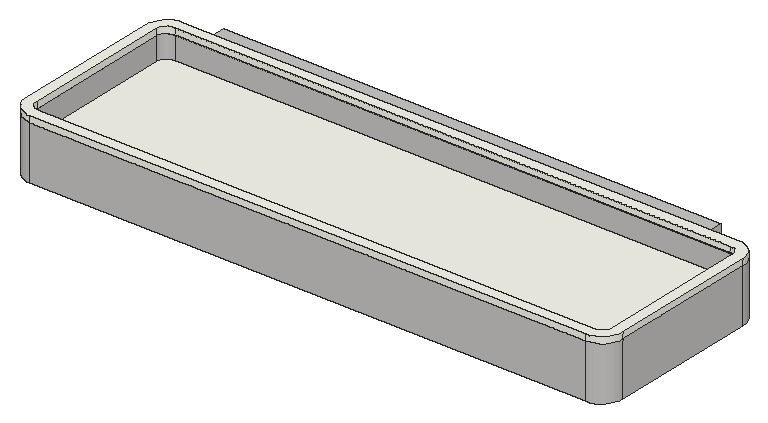
Revit family "KEUCO_14958010037", category Sonderausstattung, Revit 2016
Family settings
  Teiletyp = Normal
  Bemaßung runder Anschluss = Durchmesser verwenden
  Arbeitsebenenbasiert = Nein
  Immer vertikal = Ja
  Beim Laden mit Abzugskörper schneiden = Nein
  Gemeinsam genutzt = Nein
  Raumberechnungspunkt = Nein
Parameters (values of type "14958170037")
  Verwendung = "DU / WA"  # constant formula
  URL = "https://www.keuco.com/de/produkte/sortiment/artikel/?pid=14958&oid=1&pgo=19&country=de&lang=de&vid=14958170037"
  Serie = "Plan"  # constant formula
  Preisgruppe = "1"  # constant formula
  Materialien bei Hersteller anfragen = "Anfrage zu:  objektmanagement@keuco.de"
  Material Abdeckung [instance] = Edelstahl
  Material Regal = Weiß (RAL 9010)
  Kategorie = "ACC"  # constant formula
  Hersteller = "KEUCO"  # constant formula
  Gewicht = 382
  Beschreibung = "2-teilig: Metallkorb und herausnehmbarer,\r\nseifenbeständiger, bruchfester und\r\nUV-unempfindlicher Kunststoff-Einsatz"
  Ausschreibungstext = "KEUCO PLAN Duschkorb, 14958170037\r\nDuschkorb in Aluminium-Optik in ästhetischem, funktionalem Design, \r\nAluminium-finish/schwarzgrau (RAL 7021),\r\nhochwertiger Metallrahmen mit herausnehmbaren, \r\nseifenbeständigem, bruchfestem und \r\nUV-unempfindlichen Kunststoff-Einsatz (Polysterol schlagzäh),\r\nTiefe 102 mm, Breite 288, Höhe 29 mm, \r\nBefestigungsabstand 160 mm,\r\nder Duschkorb wird verdeckt angebracht,\r\nLieferung inkl. korrosionsfreiem Befestigungsmaterial"
  Artikelnummer = "14958170037"
Types (10, lengths in mm): name | URL | Materialien bei Hersteller anfragen | Material Abdeckung | Material Regal | Ausschreibungstext | Artikelnummer
  (no name) | "https://www.keuco.com" | "Request to:  objektmanagement@keuco.de" | Verchromt | Schwarzgrau  (RAL 7021) | "KEUCO PLAN Duschkorb, 14958010037\r\nhochglanzverchromter Duschkorb in ästhetischem, funktionalem Design, \r\nverchromt/schwarzgrau (RAL 7021),\r\nhochwertiger Metallrahmen mit herausnehmbaren, \r\nseifenbeständigem, bruchfestem und \r\nUV-unempfindlichen Kunststoff-Einsatz(Polysterol schlagzäh),\r\nTiefe 102 mm, Breite 288, Höhe 29 mm, \r\nBefestigungsabstand 160 mm,\r\nder Duschkorb wird verdeckt angebracht,\r\nLieferung inkl. korrosionsfreiem Befestigungsmaterial" | "14958010037"
  14958010037 | "https://www.keuco.com/de/produkte/sortiment/artikel/?pid=14958&oid=1&pgo=19&country=de&lang=de&vid=14958010037" | "Request to:  objektmanagement@keuco.de" | Verchromt | Schwarzgrau  (RAL 7021) | "KEUCO PLAN Duschkorb, 14958010037\r\nhochglanzverchromter Duschkorb in ästhetischem, funktionalem Design, \r\nverchromt/schwarzgrau (RAL 7021),\r\nhochwertiger Metallrahmen mit herausnehmbaren, \r\nseifenbeständigem, bruchfestem und \r\nUV-unempfindlichen Kunststoff-Einsatz(Polysterol schlagzäh),\r\nTiefe 102 mm, Breite 288, Höhe 29 mm, \r\nBefestigungsabstand 160 mm,\r\nder Duschkorb wird verdeckt angebracht,\r\nLieferung inkl. korrosionsfreiem Befestigungsmaterial" | "14958010037"
  14958010038 | "https://www.keuco.com/de/produkte/sortiment/artikel/?pid=14958&oid=1&pgo=19&country=de&lang=de&vid=14958010038" | "Request to:  objektmanagement@keuco.de" | Verchromt | Lichtgrau (RAL 7035) | "KEUCO PLAN Duschkorb, 14958010038\r\nhochglanzverchromter Duschkorb in ästhetischem, funktionalem Design, \r\nverchromt/lichtgrau (RAL 7035),\r\nhochwertiger Metallrahmen mit herausnehmbaren, \r\nseifenbeständigem, bruchfestem und \r\nUV-unempfindlichen Kunststoff-Einsatz (Polysterol schlagzäh),\r\nTiefe 102 mm, Breite 288, Höhe 29 mm, \r\nBefestigungsabstand 160 mm,\r\nder Duschkorb wird verdeckt angebracht,\r\nLieferung inkl. korrosionsfreiem Befestigungsmaterial" | "14958010038"
  14958010051 | "https://www.keuco.com/de/produkte/sortiment/artikel/?pid=14958&oid=1&pgo=19&country=de&lang=de&vid=14958010051" | "Request to:  objektmanagement@keuco.de" | Verchromt | Weiß (RAL 9010) | "KEUCO PLAN Duschkorb, 14958010051\r\nhochglanzverchromter Duschkorb in ästhetischem, funktionalem Design, \r\nverchromt/weiß (RAL 9010),\r\nhochwertiger Metallrahmen mit herausnehmbaren, \r\nseifenbeständigem, bruchfestem und \r\nUV-unempfindlichen Kunststoff-Einsatz (Polysterol schlagzäh),\r\nTiefe 102 mm, Breite 288, Höhe 29 mm, \r\nBefestigungsabstand 160 mm,\r\nder Duschkorb wird verdeckt angebracht,\r\nLieferung inkl. korrosionsfreiem Befestigungsmaterial" | "14958010051"
  14958070037 | "https://www.keuco.com/de/produkte/sortiment/artikel/?pid=14958&oid=1&pgo=19&country=de&lang=de&vid=14958070037" | "Request to:  objektmanagement@keuco.de" | Edelstahl | Schwarzgrau  (RAL 7021) | "KEUCO PLAN Duschkorb, 14958070037\r\nDuschkorb in Edelstahl-Optik in ästhetischem, funktionalem Design, \r\nEdelstahl-finish/schwarzgrau (RAL 7021),\r\nhochwertiger Metallrahmen mit herausnehmbaren, \r\nseifenbeständigem, bruchfestem und \r\nUV-unempfindlichen Kunststoff-Einsatz(Polysterol schlagzäh),\r\nTiefe 102 mm, Breite 288, Höhe 29 mm, \r\nBefestigungsabstand 160 mm,\r\nder Duschkorb wird verdeckt angebracht,\r\nLieferung inkl. korrosionsfreiem Befestigungsmaterial" | "14958070037"
  14958070038 | "https://www.keuco.com/de/produkte/sortiment/artikel/?pid=14958&oid=1&pgo=19&country=de&lang=de&vid=14958070038" | "Request to:  objektmanagement@keuco.de" | Edelstahl | Lichtgrau (RAL 7035) | "KEUCO PLAN Duschkorb, 14958070038\r\nDuschkorb in Edelstahl-Optik in ästhetischem, funktionalem Design, \r\nEdelstahl-finish/lichtgrau (RAL 7035),\r\nhochwertiger Metallrahmen mit herausnehmbaren, \r\nseifenbeständigem, bruchfestem und \r\nUV-unempfindlichen Kunststoff-Einsatz (Polysterol schlagzäh),\r\nTiefe 102 mm, Breite 288, Höhe 29 mm, \r\nBefestigungsabstand 160 mm,\r\nder Duschkorb wird verdeckt angebracht,\r\nLieferung inkl. korrosionsfreiem Befestigungsmaterial" | "14958070038"
  14958070051 | "https://www.keuco.com/de/produkte/sortiment/artikel/?pid=14958&oid=1&pgo=19&country=de&lang=de&vid=14958070051" | "Request to:  objektmanagement@keuco.de" | Edelstahl | Weiß (RAL 9010) | "KEUCO PLAN Duschkorb, 14958070051\r\nDuschkorb in Edelstahl-Optik in ästhetischem, funktionalem Design, \r\nEdelstahl-finish/weiß (RAL 9010),\r\nhochwertiger Metallrahmen mit herausnehmbaren, \r\nseifenbeständigem, bruchfestem und \r\nUV-unempfindlichen Kunststoff-Einsatz (Polysterol schlagzäh),\r\nTiefe 102 mm, Breite 288, Höhe 29 mm, \r\nBefestigungsabstand 160 mm,\r\nder Duschkorb wird verdeckt angebracht,\r\nLieferung inkl. korrosionsfreiem Befestigungsmaterial" | "14958070051"
  14958170037 | "https://www.keuco.com/de/produkte/sortiment/artikel/?pid=14958&oid=1&pgo=19&country=de&lang=de&vid=14958170037" | "Anfrage zu:  objektmanagement@keuco.de" | Edelstahl | Weiß (RAL 9010) | "KEUCO PLAN Duschkorb, 14958170037\r\nDuschkorb in Aluminium-Optik in ästhetischem, funktionalem Design, \r\nAluminium-finish/schwarzgrau (RAL 7021),\r\nhochwertiger Metallrahmen mit herausnehmbaren, \r\nseifenbeständigem, bruchfestem und \r\nUV-unempfindlichen Kunststoff-Einsatz (Polysterol schlagzäh),\r\nTiefe 102 mm, Breite 288, Höhe 29 mm, \r\nBefestigungsabstand 160 mm,\r\nder Duschkorb wird verdeckt angebracht,\r\nLieferung inkl. korrosionsfreiem Befestigungsmaterial" | "14958170037"
  14958170038 | "https://www.keuco.com/de/produkte/sortiment/artikel/?pid=14958&oid=1&pgo=19&country=de&lang=de&vid=14958170038" | "Request to:  objektmanagement@keuco.de" | Aluminium silber-eloxiert (E6 EV1) | Lichtgrau (RAL 7035) | "KEUCO PLAN Duschkorb, 14958170038\r\nDuschkorb in Aluminium-Optik in ästhetischem, funktionalem Design, \r\nAluminium-finish/lichtgrau (RAL 7035),\r\nhochwertiger Metallrahmen mit herausnehmbaren, \r\nseifenbeständigem, bruchfestem und \r\nUV-unempfindlichen Kunststoff-Einsatz (Polysterol schlagzäh),\r\nTiefe 102 mm, Breite 288, Höhe 29 mm, \r\nBefestigungsabstand 160 mm,\r\nder Duschkorb wird verdeckt angebracht,\r\nLieferung inkl. korrosionsfreiem Befestigungsmaterial" | "14958170038"
  14958170051 | "https://www.keuco.com/de/produkte/sortiment/artikel/?pid=14958&oid=1&pgo=19&country=de&lang=de&vid=14958170051" | "Request to:  objektmanagement@keuco.de" | Aluminium silber-eloxiert (E6 EV1) | Weiß (RAL 9010) | "KEUCO PLAN Duschkorb, 14958170051\r\nDuschkorb in Aluminium-Optik in ästhetischem, funktionalem Design, \r\nAluminium-finish/weiß (RAL 9010),\r\nhochwertiger Metallrahmen mit herausnehmbaren, \r\nseifenbeständigem, bruchfestem und \r\nUV-unempfindlichen Kunststoff-Einsatz (Polysterol schlagzäh),\r\nTiefe 102 mm, Breite 288, Höhe 29 mm, \r\nBefestigungsabstand 160 mm,\r\nder Duschkorb wird verdeckt angebracht,\r\nLieferung inkl. korrosionsfreiem Befestigungsmaterial" | "14958170051"
Reference planes
  plane 1 "Center (Front/Back)": y = 0
  plane 2: z = 0
  plane 3 "Center (Left/Right)": x = 0
  plane 4: x = -144
  plane 5: x = 144
  plane 6: y = -102
  plane 7: z = -28.958
Forms (mm)
  Extrusion 1, solid, material "Edelstahl" <- "Material Abdeckung"
    sketch origin (0, 0, 0) x (1, 0, 0) y (0, 1, 0)
      loop
        line (-122.345, 0) -> (-122.345, -10) -> (117.655, -10) -> (117.655, 0) -> (-122.345, 0)
    from -28.958 to -2.938
  Extrusion 2, solid, material "Edelstahl" <- "Material Abdeckung"
    sketch origin (0, 0, 0) x (1, 0, 0) y (0, 1, 0)
      loop
        line (-134, -102) -> (134, -102)
        arc (134, -102) -> (141.071, -99.071) -> (144, -92) r 10
        line (144, -92) -> (144, -20)
        arc (144, -20) -> (141.071, -12.929) -> (134, -10) r 10
        line (134, -10) -> (-134, -10)
        arc (-134, -10) -> (-141.071, -12.929) -> (-144, -20) r 10
        line (-144, -20) -> (-144, -92)
        arc (-144, -92) -> (-141.071, -99.071) -> (-134, -102) r 10
      loop
        line (-139, -20) -> (-139, -92)
        arc (-139, -92) -> (-137.536, -95.536) -> (-134, -97) r 5
        line (-134, -97) -> (134, -97)
        arc (134, -97) -> (137.536, -95.536) -> (139, -92) r 5
        line (139, -92) -> (139, -20)
        arc (139, -20) -> (137.536, -16.464) -> (134, -15) r 5
        line (134, -15) -> (-134, -15)
        arc (-134, -15) -> (-137.536, -16.464) -> (-139, -20) r 5
    from -28.958 to -2.938
  Extrusion 3, solid, material "Weiß (RAL 9010)" <- "Material Regal"
    sketch origin (0, 0, 0) x (1, 0, 0) y (0, 1, 0)
      loop
        line (134, -10) -> (-134, -10)
        arc (-134, -10) -> (-141.071, -12.929) -> (-144, -20) r 10
        line (-144, -20) -> (-144, -92)
        arc (-144, -92) -> (-141.071, -99.071) -> (-134, -102) r 10
        line (-134, -102) -> (134, -102)
        arc (134, -102) -> (141.071, -99.071) -> (144, -92) r 10
        line (144, -92) -> (144, -20)
        arc (144, -20) -> (141.071, -12.929) -> (134, -10) r 10
      loop
        line (-139, -20) -> (-139, -92)
        arc (-139, -92) -> (-137.536, -95.536) -> (-134, -97) r 5
        line (-134, -97) -> (134, -97)
        arc (134, -97) -> (137.536, -95.536) -> (139, -92) r 5
        line (139, -92) -> (139, -20)
        arc (139, -20) -> (137.536, -16.464) -> (134, -15) r 5
        line (134, -15) -> (-134, -15)
        arc (-134, -15) -> (-137.536, -16.464) -> (-139, -20) r 5
    from -2.938 to 0
  Extrusion 4, solid, material "Weiß (RAL 9010)" <- "Material Regal"
    sketch origin (0, 0, 0) x (1, 0, 0) y (0, 1, 0)
      loop
        arc (-134, -15) -> (-137.536, -16.464) -> (-139, -20) r 5
        line (-139, -20) -> (-139, -92)
        arc (-139, -92) -> (-137.536, -95.536) -> (-134, -97) r 5
        line (-134, -97) -> (134, -97)
        arc (134, -97) -> (137.536, -95.536) -> (139, -92) r 5
        line (139, -92) -> (139, -20)
        arc (139, -20) -> (137.536, -16.464) -> (134, -15) r 5
        line (134, -15) -> (-134, -15)
    from -13.961 to -28.958
Dimensions and locks
  plane 4 to plane 5 = 288 mm
  equal spacing: plane 4, plane 3 "Center (Left/Right)", plane 5
  plane 6 to plane 1 "Center (Front/Back)" = 102 mm
  aligned and locked: level to plane 2
Automatic sketch dimensions
  plane 1 "Center (Front/Back)" to Extrusion 1 sketch curve = 0 mm
  plane 1 "Center (Front/Back)" to Extrusion 1 sketch curve = 10 mm
  plane 4 to Extrusion 1 sketch curve = 21.655 mm
  Extrusion 1 sketch curve to plane 5 = 26.345 mm
  Extrusion 2 sketch curve to plane 4 = 0 mm
  Extrusion 2 sketch curve to plane 6 = 0 mm
  Extrusion 2 sketch curve to plane 5 = 0 mm
  plane 4 to Extrusion 2 sketch curve = 10 mm  (x2)
  Extrusion 2 sketch curve to plane 5 = 10 mm  (x2)
  plane 1 "Center (Front/Back)" to Extrusion 2 sketch curve = 20 mm
  Extrusion 3 sketch curve to Extrusion 3 sketch curve = 0 mm  (x8)
  Extrusion 3 sketch curve to plane 4 = 0 mm
  Extrusion 3 sketch curve to plane 6 = 0 mm
  Extrusion 3 sketch curve to plane 5 = 0 mm
  Extrusion 3 sketch curve to Extrusion 3 sketch curve = 5 mm  (x4)
  Extrusion 3 sketch curve to plane 5 = 10 mm
  plane 1 "Center (Front/Back)" to Extrusion 3 sketch curve = 20 mm
  Extrusion 2 sketch curve to Extrusion 2 sketch curve = 0 mm  (x7)
  plane 4 to Extrusion 2 sketch curve = 5 mm
  plane 4 to Extrusion 4 sketch curve = 10 mm
  plane 1 "Center (Front/Back)" to Extrusion 4 sketch curve = 20 mm
  Extrusion 4 sketch curve to Extrusion 4 sketch curve = 5 mm  (x4)
  plane 6 to Extrusion 4 sketch curve = 10 mm
  Extrusion 4 sketch curve to plane 5 = 10 mm
